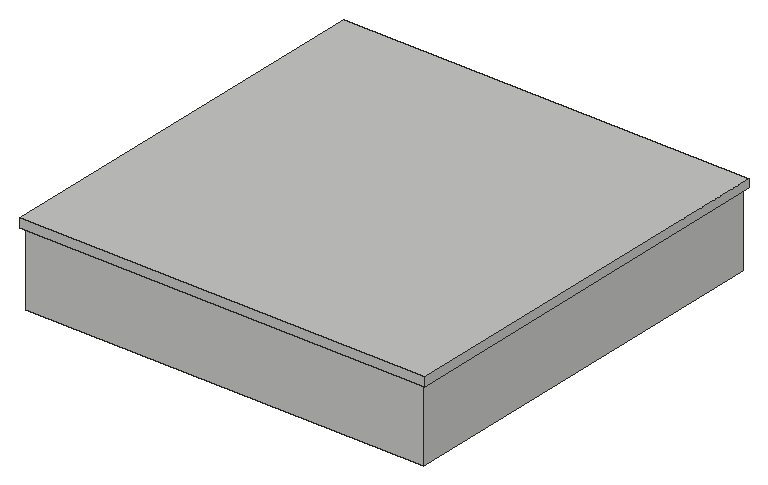
Revit family "Access_Panel-Wall_Ceiling_Door-Activar-Interior_Access-TMW", category Doors, host Face, Revit 2012
Parameters (values of type "See Type Catalog")
  ecoScorecard_data = ""
  ecoScorecard Product Page = "http://ecoscorecard.com/"
  Width = 10"
  Warranty URL = "http://www.activarcpg.com/sites/default/files/warranty/jl-industries/JL%20AP%20Warranty.pdf"
  URL = "http://www.activarcpg.com/"
  Submittal URL = "http://www.activarcpg.com/sites/default/files/submittals/JL/Access%20Panels/Access%20Panel_TMW_Submittal.pdf"
  Subcategory = "Access Panels"
  Shipping Weight = 4.00 lbf
  Rough Width = 8 1/2"
  Rough Height = 8 1/2"
  Product Page URL = "http://www.activarcpg.com/jl-industries/product/tmw"
  Product Line = "Concealed Frame Access Panels"
  Panel Type Use = "Wallboard Bead (Wall or Ceiling)"
  Options = "Cylinder Lock,Mortise Cam Latch, Mortise Deadbolt Lock, Mortise Slam Latch,  Knob Cam, Torx, Spanner or Hex Head Cam, Additional Colors, Plexiglass View Window, Removeable Door (no hinge)."  # constant formula
  Number of Latches = 1
  Model = "TMW-0808CW"
  Manufacturer Toll Free Phone = "800-554-6077"
  Manufacturer Phone = "952-835-6850"
  Manufacturer Fax = "952-835-2218"
  Manufacturer Email = "mailto:Sales@activarcpg.com"
  Manufacturer Address = "9702 Newton Av S, Bloomington MN 55431"  # constant formula
  Manufacturer = "Activar Construction Products Group"  # constant formula
  Maitenance URL = "http://www.activarcpg.com/sites/default/files/InstallationMaint/JL/Access%20Panel%20Cleaning%20and%20Maintenance.pdf"
  Installation URL = "http://www.activarcpg.com/sites/default/files/InstallationMaint/JL/Access_Panel_TMW_TMP_TME_Installation.pdf"
  Height = 10"
  Hardware = "Flush screwdriver-operated cam (C)."
  Frame = "16 gauge with 1\" drywall bead that can be taped and mudded."
  Finish [instance] = Paint - Activar - Gray Powder Coat Primer
  Drywall Bead Installation = yes
  Door = "16 gauge steel with concealed continuous hinge."
  Description = "Concealed Frame Flush Access Panels for Drywall"
  Default Elevation = 48"
  Custom Size Note = "Custom sizes are available.  Contact manufacturer for availability."  # constant formula
  Cost Info = "mailto:Sales@activarcpg.com"
  Color Availability = "Red (R), Black (BK), Flat Black (FB), Sand (S), AMS Beige (AB), SC Flat Beige (SB), Gray (G), Bronze (B), Silver (SI)"
  Assembly Code = "C1020700"
  Additional Info URL = "http://www.activarcpg.com/sites/default/files/Specifications/Access%20Panels.doc"
  95 CSI = "08310"
  04 CSI = "08 31 16"
Reference planes (in)
  plane 1 "Center (Front/Back)": y = 0
  plane 2 "Not Reference": z = 0
  plane 3 "Center (Left/Right)": x = 0
  plane 4 "Left Opening": x = -4.25
  plane 5 "Right Opening": x = 4.25
  plane 6 "Back Opening": y = 4.25
  plane 7 "Front Opening": y = -4.25
  plane 8 "Host Level": z = 0
  plane 9 "Front Door": z = 0.1875
  plane 10 "Box Depth": z = -1.5625
  plane 11 "Top": y = 4.3125
  plane 12 "Base": y = -4.3125
  plane 13 "Left": x = -4.3125
  plane 14 "Right": x = 4.3125
  plane 15: x = -4
  plane 16: x = 4
  plane 17: y = 4
  plane 18: y = -4
  plane 19 "Void Depth": z = -26
  plane 20: x = -3.03125
Forms (in)
  Extrusion 1, void
    sketch origin (0, 0, 0) x (1, 0, 0) y (0, 1, 0)
      loop
        line (-4.25, 4.25) -> (-4.25, -4.25) -> (4.25, -4.25) -> (4.25, 4.25) -> (-4.25, 4.25)
    from 0 to -26
  Extrusion 2, solid, material "Paint - Activar - Gray Powder Coat Primer" <- "Finish"
    sketch origin (0, 0, 0) x (1, 0, 0) y (0, 1, 0)
      loop
        line (-4.3125, 4.3125) -> (-4.3125, -4.3125) -> (4.3125, -4.3125) -> (4.3125, 4.3125) -> (-4.3125, 4.3125)
    from 0 to 0.1875
  Extrusion 3, solid, material "Paint - Activar - Gray Powder Coat Primer" <- "Finish"
    sketch origin (0, 0, 0) x (1, 0, 0) y (0, 1, 0)
      loop
        line (-4.25, 4.25) -> (-4.25, -4.25) -> (4.25, -4.25) -> (4.25, 4.25) -> (-4.25, 4.25)
    from -1.5625 to 0
Lines and regions (in)
  Masking region 1
    outline origin (0, 0, 0) x (1, 0, 0) y (0, 0, 1)
      loop
        line (-4.3125, 0.1875) -> (-4.3125, 0) -> (-4.25, 0) -> (-4.25, -1.5625) -> (4.25, -1.5625) -> (4.25, 0) -> (4.3125, 0) -> (4.3125, 0.1875) -> (-4.3125, 0.1875)
  Masking region 2
    outline origin (0, 0, 0) x (1, 0, 0) y (0, 1, 0)
      loop
        line (-4.3125, 4.3125) -> (-4.3125, -4.3125) -> (4.3125, -4.3125) -> (4.3125, 4.3125) -> (-4.3125, 4.3125)
  model lines, detail levels medium+fine
    curve 1: line (-4, 4, 0.1875) -> (4, 4, 0.1875)
    curve 2: line (-4, -4, 0.1875) -> (-4, 4, 0.1875)
    curve 3: line (4, -4, 0.1875) -> (-4, -4, 0.1875)
    curve 4: line (4, 4, 0.1875) -> (4, -4, 0.1875)
  symbolic lines, detail levels medium+fine
    curve 5: line (-4.25, 0, 0) -> (4.25, 0, 0)
    curve 6: line (-4, -4, 0) -> (-4, 4, 0)
    curve 7: line (-4, 4, 0) -> (4, 4, 0)
    curve 8: line (4, 4, 0) -> (4, -4, 0)
    curve 9: line (4, -4, 0) -> (-4, -4, 0)
  symbolic lines, detail levels fine
    curve 10: circle (-3.03125, 0, 0.1875) r 0.33203 normal (0, 0, 1)
    curve 11: line (-3.36291, 0.01562, 0.1875) -> (-2.69959, 0.01562, 0.1875)
    curve 12: line (-3.36291, -0.01563, 0.1875) -> (-2.69959, -0.01563, 0.1875)
  model lines, detail levels fine
    curve 13: circle (-3.03125, 0, 0.1875) r 0.33381 normal (0, 0, 1)
    curve 14: line (-3.36291, 0.01562, 0.1875) -> (-2.69959, 0.01562, 0.1875)
    curve 15: line (-2.69959, -0.01563, 0.1875) -> (-3.36291, -0.01563, 0.1875)
Dimensions and locks (in)
  equal spacing: plane 4 "Left Opening", plane 3 "Center (Left/Right)", plane 5 "Right Opening"
  equal spacing: plane 6 "Back Opening", plane 1 "Center (Front/Back)", plane 7 "Front Opening"
  "Rough Width": plane 4 "Left Opening" to plane 5 "Right Opening"
  "Rough Height": plane 6 "Back Opening" to plane 7 "Front Opening"
  locked: plane 9 "Front Door" to plane 8 "Host Level" at 0.1875
  locked: plane 9 "Front Door" to plane 10 "Box Depth" at 1.75
  locked: plane 16 to plane 5 "Right Opening" at 0.25
  locked: plane 4 "Left Opening" to plane 15 at 0.25
  locked: plane 6 "Back Opening" to plane 17 at 0.25
  locked: plane 18 to plane 7 "Front Opening" at 0.25
  plane 10 "Box Depth" to plane 19 "Void Depth" = 24 7/16"
  locked: plane 15 to plane 20 at 0.96875
  locked: plane 11 "Top" to plane 17 at 0.3125
  locked: plane 18 to plane 12 "Base" at 0.3125
  locked: plane 13 "Left" to plane 15 at 0.3125
  locked: plane 16 to plane 14 "Right" at 0.3125
  aligned and locked: plane 2 "Not Reference" to host face
  aligned and locked: level to host face
  aligned and locked: plane 4 "Left Opening" to Extrusion 1 sketch curve
  aligned and locked: Extrusion 1 sketch curve to plane 5 "Right Opening"
  aligned and locked: Extrusion 1 sketch curve to plane 6 "Back Opening"
  aligned and locked: plane 7 "Front Opening" to Extrusion 1 sketch curve
  aligned and locked: plane 2 "Not Reference" to Extrusion 1
  aligned and locked: Extrusion 2 sketch curve to plane 14 "Right"
  aligned and locked: Extrusion 2 sketch curve to plane 11 "Top"
  aligned and locked: plane 13 "Left" to Extrusion 2 sketch curve
  aligned and locked: plane 12 "Base" to Extrusion 2 sketch curve
  aligned and locked: plane 9 "Front Door" to Extrusion 2
  aligned and locked: Extrusion 2 to plane 8 "Host Level"
  aligned and locked: plane 4 "Left Opening" to Extrusion 3 sketch curve
  aligned and locked: plane 7 "Front Opening" to Extrusion 3 sketch curve
  aligned and locked: Extrusion 3 sketch curve to plane 6 "Back Opening"
  aligned and locked: Extrusion 3 sketch curve to plane 5 "Right Opening"
  aligned and locked: plane 8 "Host Level" to Extrusion 3
  aligned and locked: Extrusion 3 to plane 10 "Box Depth"
  aligned and locked: plane 15 to curve 2
  aligned and locked: curve 4 to plane 16
  aligned and locked: plane 18 to curve 3
  aligned and locked: Extrusion 2 to plane 13 "Left"
  aligned and locked: plane 11 "Top" to Extrusion 2
  aligned and locked: plane 14 "Right" to Extrusion 2
  aligned and locked: Extrusion 2 to plane 12 "Base"
  aligned and locked: Extrusion 2 to plane 9 "Front Door"
  aligned and locked: Masking region 1 to plane 13 "Left"
  aligned and locked: Masking region 1 to plane 8 "Host Level"  (x2)
  aligned and locked: Extrusion 3 to plane 4 "Left Opening"
  aligned and locked: plane 5 "Right Opening" to Extrusion 3
  aligned and locked: plane 14 "Right" to Masking region 1
  aligned and locked: plane 9 "Front Door" to Masking region 1
  aligned and locked: plane 2 "Not Reference" to plane 8 "Host Level"
  aligned and locked: Masking region 1 sketch curve to plane 9 "Front Door"
  aligned and locked: plane 12 "Base" to Masking region 2 sketch curve
  aligned and locked: plane 13 "Left" to Masking region 2 sketch curve
  aligned and locked: curve 7 to plane 17
  aligned and locked: plane 18 to curve 9
  aligned and locked: plane 15 to curve 6
  aligned and locked: curve 8 to plane 16
  aligned and locked: Masking region 2 sketch curve to plane 11 "Top"
  aligned and locked: Masking region 1 sketch curve to plane 5 "Right Opening"
  aligned and locked: plane 4 "Left Opening" to Masking region 1 sketch curve
  aligned and locked: plane 13 "Left" to Masking region 1 sketch curve
  aligned and locked: Masking region 1 sketch curve to plane 14 "Right"
  aligned and locked: plane 8 "Host Level" to Masking region 1 sketch curve  (x2)
  aligned and locked: Extrusion 1 to plane 19 "Void Depth"
  aligned and locked: Masking region 1 sketch curve to plane 10 "Box Depth"
  aligned and locked: plane 20 to curve 10
  aligned and locked: plane 1 "Center (Front/Back)" to curve 10
  aligned and locked: plane 20 to curve 13
  aligned and locked: plane 1 "Center (Front/Back)" to curve 13
  aligned and locked: nested 1 to plane 9 "Front Door"
  aligned and locked: plane 4 "Left Opening" to nested 1
  aligned and locked: plane 5 "Right Opening" to nested 1
  aligned and locked: nested 1 to plane 5 "Right Opening"
Automatic sketch dimensions
  host sketch curve to host sketch curve = 34.7228"
  host sketch curve to host sketch curve = 34.63586"
  curve 5 to level = 0"
  curve 5 to plane 4 "Left Opening" = 0"
  curve 5 to plane 5 "Right Opening" = 0"
  curve 1 to plane 17 = 0"
  Masking region 2 sketch curve to plane 14 "Right" = 0"
  plane 1 "Center (Front/Back)" to curve 15 = 1/64"
  curve 15 to curve 14 = 0"
  curve 11 to curve 14 = 0"
  curve 12 to curve 15 = 0"
  plane 20 to curve 14 = 0.33166"
  radius of curve 13 = 0.33381"
Nested families (in)
  nested 1: "Access_Panel-Door-Plan_Swing-2D" at (0, 0, 0.1875) x (-1, 0, 0) z (0, 1, 0), type "Access_Panel-Door-Plan_Swing-2D"
    with Door Width 8 1/2"
Definition of nested family "Access_Panel-Door-Plan_Swing-2D"
  Parameters (values of type "Access_Panel-Door-Plan_Swing-2D")
    Door Width [instance] = 13 1/2"
  Reference planes (in)
    plane 1 "Center (Front/Back)": y = 0
    plane 2: z = 0
    plane 3 "Center (Left/Right)": x = 0
    plane 4: x = -6.75
    plane 5: x = 6.75
  Lines and regions (in)
    detail lines, in view "Ref. Level"
      curve 1: line (-6.75, 0, 0) -> (-6.75, 13.5, 0)
      curve 2: arc (-6.75, 13.5, 0) -> (2.79594, 9.54594, 0) -> (6.75, 0, 0) r 13.5
  Dimensions and locks (in)
    equal spacing: plane 4, plane 3 "Center (Left/Right)", plane 5
    "Door Width": plane 4 to plane 5
    aligned and locked: plane 1 "Center (Front/Back)" to curve 2  (x2)
    aligned and locked: plane 4 to curve 2  (x2)
    aligned and locked: plane 1 "Center (Front/Back)" to curve 1
    aligned and locked: plane 5 to curve 2
    aligned and locked: plane 4 to curve 1
Types in the file's own list only (9): name | Width | Shipping Weight | Rough Width | Rough Height | Number of Latches | Model | Height
  Drywall Installation, 8 x 8 | 10" | 4.00 lb | 8 1/2" | 8 1/2" | 1 | "TMW-0808CW" | 10"
  Drywall Installation, 10 x 10 | 12" | 5.00 lb | 10 1/2" | 10 1/2" | 1 | "TMW-1010CW" | 12"
  Drywall Installation, 12 x 12 | 14" | 7.00 lb | 12 1/2" | 12 1/2" | 1 | "TMW-1212CW" | 14"
  Drywall Installation, 14 x 14 | 16" | 8.00 lb | 14 1/2" | 14 1/2" | 1 | "TMW-1414CW" | 16"
  Drywall Installation, 16 x 16 | 18" | 10.00 lb | 16 1/2" | 16 1/2" | 1 | "TMW-1616CW" | 18"
  Drywall Installation, 18 x 18 | 20" | 12.00 lb | 18 1/2" | 18 1/2" | 3 | "TMW-1818CW" | 20"
  Drywall Installation, 22 x 22 | 24" | 16.00 lb | 22 1/2" | 22 1/2" | 4 | "TMW-2222CW" | 24"
  Drywall Installation, 22 x 30 | 24" | 21.00 lb | 22 1/2" | 30 1/2" | 4 | "TMW-2230CW" | 32"
  Drywall Installation, 24 x 24 | 26" | 19.00 lb | 24 1/2" | 24 1/2" | 4 | "TMW-2424CW" | 26"
